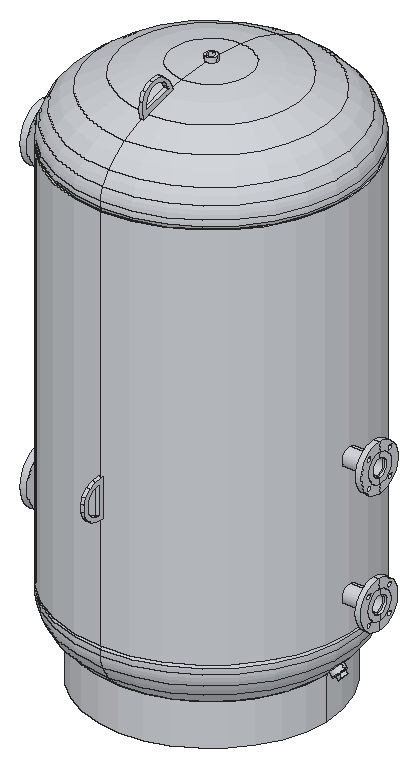
Revit family "HBT-300-23", category Generic Models, Revit 2014
Parameters (values of type "HBT-300-23")
  URL = "http://westank.com/"
  Tank Volume = 300.00 gal
  Part Number = 55643023
  Model = "HBT-300-23"
  Maximum Shipping Weight = 759 lbf
  G = 16"
  B = 3"
  A = 2"
  F = 32"
  E = 56"
  Description = "Wessels ASME 4-port primary-secondary Hot Water Buffer Tanks (HBT) are designed for use with today’s high efficiency systems that incorporate small modular low-mass boilers."
  D = 72"
  C = 36"
Reference planes (in)
  plane 1 "Center (Front/Back)": y = 0
  plane 2: z = 0
  plane 3 "Center (Left/Right)": x = 0
  plane 4: z = 0
  plane 5: x = -18
  plane 6: x = 18
  plane 7: z = 72
  plane 8: z = 56
  plane 9: z = 32
  plane 10: z = 16
Forms (in)
  Revolve 1, solid
    sketch origin (0, -0.02461, 0) x (0, 1, 0) y (0, 0, 1)
      loop
        line (-17.97559, 11.40987) -> (-17.77585, 11.40987)
        arc (-17.77585, 11.40987) -> (-17.77901, 11.38745) -> (-17.78675, 11.36617) r 0.10832
        line (-17.78675, 11.36617) -> (-17.97559, 10.97899)
        arc (-17.97559, 10.97899) -> (-17.97692, 10.6034) -> (-17.93634, 10.23002) r 3.36112
        arc (-17.93634, 10.23002) -> (-17.83534, 9.45516) -> (-17.56075, 8.72359) r 3.4127
        arc (-17.56075, 8.72359) -> (-17.14884, 7.91952) -> (-16.63227, 7.17835) r 6.68364
        arc (-16.63227, 7.17835) -> (-15.41449, 5.9118) -> (-13.99078, 4.88214) r 9.83519
        arc (-13.99078, 4.88214) -> (-12.33964, 3.99029) -> (-10.62031, 3.23825) r 22.63963
        arc (-10.62031, 3.23825) -> (-7.74153, 2.33452) -> (-4.76815, 1.82164) r 22.63963
        arc (-4.76815, 1.82164) -> (-2.37465, 1.61295) -> (0.02461, 1.4865) r 70.02787
        line (0.02461, 1.4865) -> (0.02461, 1.65848)
        arc (0.02461, 1.65848) -> (-2.3657, 1.78462) -> (-4.75028, 1.99258) r 69.85599
        arc (-4.75028, 1.99258) -> (-7.70109, 2.50157) -> (-10.55801, 3.39844) r 22.46775
        arc (-10.55801, 3.39844) -> (-12.26429, 4.14477) -> (-13.9029, 5.02985) r 22.46775
        arc (-13.9029, 5.02985) -> (-15.30173, 6.04151) -> (-16.49823, 7.28593) r 9.66331
        arc (-16.49823, 7.28593) -> (-17.00303, 8.01057) -> (-17.40515, 8.79685) r 6.51177
        arc (-17.40515, 8.79685) -> (-17.66943, 9.50016) -> (-17.76465, 10.24543) r 3.24083
        arc (-17.76465, 10.24543) -> (-17.80397, 10.58906) -> (-17.80585, 10.93493) r 3.18924
        line (-17.80585, 10.93493) -> (-17.63227, 11.29083)
        arc (-17.63227, 11.29083) -> (-17.60804, 11.35818) -> (-17.59889, 11.42917) r 0.33041
        line (-17.59889, 11.42917) -> (-17.80365, 11.42917) -> (-17.80365, 62.07314) -> (-17.59889, 62.07314)
        arc (-17.59889, 62.07314) -> (-17.60804, 62.14413) -> (-17.63227, 62.21149) r 0.33041
        line (-17.63227, 62.21149) -> (-17.80585, 62.56739)
        arc (-17.80585, 62.56739) -> (-17.80397, 62.91325) -> (-17.76465, 63.25688) r 3.18924
        arc (-17.76465, 63.25688) -> (-17.66943, 64.00215) -> (-17.40515, 64.70547) r 3.24083
        arc (-17.40515, 64.70547) -> (-17.00303, 65.49175) -> (-16.49823, 66.21639) r 6.51177
        arc (-16.49823, 66.21639) -> (-15.30173, 67.4608) -> (-13.9029, 68.47247) r 9.66331
        arc (-13.9029, 68.47247) -> (-12.26429, 69.35755) -> (-10.55801, 70.10388) r 22.46775
        arc (-10.55801, 70.10388) -> (-7.70109, 71.00074) -> (-4.75028, 71.50973) r 22.46775
        arc (-4.75028, 71.50973) -> (-2.3657, 71.71769) -> (0.02461, 71.84383) r 69.85599
        line (0.02461, 71.84383) -> (0.02461, 72.01582)
        arc (0.02461, 72.01582) -> (-2.37465, 71.88936) -> (-4.76815, 71.68068) r 70.02787
        arc (-4.76815, 71.68068) -> (-7.74153, 71.16779) -> (-10.62031, 70.26407) r 22.63963
        arc (-10.62031, 70.26407) -> (-12.33964, 69.51203) -> (-13.99078, 68.62018) r 22.63963
        arc (-13.99078, 68.62018) -> (-15.41449, 67.59052) -> (-16.63227, 66.32397) r 9.83519
        arc (-16.63227, 66.32397) -> (-17.14884, 65.58279) -> (-17.56075, 64.77872) r 6.68364
        arc (-17.56075, 64.77872) -> (-17.83534, 64.04715) -> (-17.93634, 63.2723) r 3.4127
        arc (-17.93634, 63.2723) -> (-17.97692, 62.89891) -> (-17.97559, 62.52332) r 3.36112
        line (-17.97559, 62.52332) -> (-17.78675, 62.13614)
        arc (-17.78675, 62.13614) -> (-17.77901, 62.11486) -> (-17.77585, 62.09244) r 0.10832
        line (-17.77585, 62.09244) -> (-17.97559, 62.09244) -> (-17.97559, 11.40987)
      axis (0.02461, 1.4865) -> (0.02461, 72.01582)
    angle from 0 to 360
  Revolve 2, solid
    sketch origin (1.3301, 0, 3.24654) x (0.990017, 0, -0.140951) y (0.140951, 0, 0.990017)
      loop
        line (14.71753, 6.11956) -> (14.66586, 6.1556) -> (14.25436, 5.56561) -> (14.86992, 5.13627) -> (15.24588, 5.6753) -> (15.19462, 5.71106) -> (15.31904, 5.88945) -> (14.80641, 6.24699) -> (14.71753, 6.11956)
      axis (14.25436, 5.56561) -> (14.86992, 5.13627)
    angle from 0 to 360
  Extrusion 3, solid
    sketch origin (16.3437, -180, 7.27869) x (0.681658, 0, 0.731671) y (0, -1, 0)
      loop
        line (-0.16036, -179.52645) -> (-0.95521, -179.68698) -> (-0.79485, -180.48095) -> (0, -180.32042) -> (-0.16036, -179.52645)
    from 1.02698 to 1.52678
  Extrusion 4, solid
    sketch origin (0, -6.04905, 4.9833) x (0, 1, 0) y (0, 0, 1)
      loop
        line (-11.93439, 21.33067) -> (-11.93439, 26.202)
        arc (-11.93439, 26.202) -> (-12.47846, 26.15164) -> (-13.01533, 26.05008) r 5.77422
        arc (-13.01533, 26.05008) -> (-13.49297, 25.89754) -> (-13.94252, 25.67548) r 3.35288
        arc (-13.94252, 25.67548) -> (-14.34081, 25.36666) -> (-14.64962, 24.96837) r 2.0073
        arc (-14.64962, 24.96837) -> (-14.80343, 24.58932) -> (-14.88788, 24.18906) r 2.30742
        arc (-14.88788, 24.18906) -> (-14.91277, 23.77188) -> (-14.88788, 23.3547) r 3.50846
        arc (-14.88788, 23.3547) -> (-14.79412, 22.92876) -> (-14.61961, 22.52904) r 2.24053
        arc (-14.61961, 22.52904) -> (-14.27401, 22.08806) -> (-13.80999, 21.77406) r 1.8078
        arc (-13.80999, 21.77406) -> (-13.34321, 21.55591) -> (-12.84107, 21.44044) r 2.44481
        arc (-12.84107, 21.44044) -> (-12.39043, 21.36326) -> (-11.93439, 21.33067) r 4.65484
      loop
        arc (-12.44611, 25.63929) -> (-12.67227, 25.60073) -> (-12.89654, 25.55235) r 5.2625
        arc (-12.89654, 25.55235) -> (-13.30128, 25.42308) -> (-13.68221, 25.23491) r 2.84116
        arc (-13.68221, 25.23491) -> (-13.97364, 25.01013) -> (-14.20134, 24.72098) r 1.49558
        arc (-14.20134, 24.72098) -> (-14.3163, 24.43235) -> (-14.37979, 24.12821) r 1.7957
        arc (-14.37979, 24.12821) -> (-14.40106, 23.77188) -> (-14.37979, 23.41555) r 2.99674
        arc (-14.37979, 23.41555) -> (-14.30745, 23.08689) -> (-14.17279, 22.77846) r 1.72881
        arc (-14.17279, 22.77846) -> (-13.91552, 22.45353) -> (-13.56884, 22.22643) r 1.29608
        arc (-13.56884, 22.22643) -> (-13.1779, 22.0402) -> (-12.75531, 21.94566) r 1.9331
        arc (-12.75531, 21.94566) -> (-12.60126, 21.91347) -> (-12.44611, 21.88716) r 4.14312
        line (-12.44611, 21.88716) -> (-12.44611, 25.63929)
    from -0.24366 to 0.25634
  Extrusion 5, solid
    sketch origin (0, -28.53332, 53.09576) x (0, 0.284015, -0.95882) y (0, 0.95882, 0.284015)
      loop
        arc (-11.9298, 25.67102) -> (-12.15596, 25.63246) -> (-12.38023, 25.58408) r 5.2625
        arc (-12.38023, 25.58408) -> (-12.78497, 25.45482) -> (-13.16591, 25.26664) r 2.84116
        arc (-13.16591, 25.26664) -> (-13.45733, 25.04186) -> (-13.68503, 24.75271) r 1.49558
        arc (-13.68503, 24.75271) -> (-13.8, 24.46408) -> (-13.86349, 24.15994) r 1.7957
        arc (-13.86349, 24.15994) -> (-13.88475, 23.80361) -> (-13.86349, 23.44728) r 2.99674
        arc (-13.86349, 23.44728) -> (-13.79114, 23.11862) -> (-13.65649, 22.81019) r 1.72881
        arc (-13.65649, 22.81019) -> (-13.39922, 22.48527) -> (-13.05253, 22.25816) r 1.29608
        arc (-13.05253, 22.25816) -> (-12.66159, 22.07193) -> (-12.239, 21.97739) r 1.9331
        arc (-12.239, 21.97739) -> (-12.08496, 21.94521) -> (-11.9298, 21.91889) r 4.14312
        line (-11.9298, 21.91889) -> (-11.9298, 25.67102)
      loop
        line (-11.25461, 21.34343) -> (-11.25461, 26.18965)
        arc (-11.25461, 26.18965) -> (-12.15974, 26.1622) -> (-13.02719, 25.90227) r 3.48194
        arc (-13.02719, 25.90227) -> (-13.54727, 25.6041) -> (-13.99851, 25.20943) r 3.03185
        arc (-13.99851, 25.20943) -> (-14.28248, 24.55653) -> (-14.39992, 23.8543) r 2.91879
        arc (-14.39992, 23.8543) -> (-14.3348, 23.1787) -> (-14.08611, 22.54717) r 2.44012
        arc (-14.08611, 22.54717) -> (-13.716, 22.08641) -> (-13.21844, 21.76749) r 1.83162
        arc (-13.21844, 21.76749) -> (-12.25729, 21.45928) -> (-11.25461, 21.34343) r 5.1769
    from -0.24366 to 0.25634
  Extrusion 6, solid
    sketch origin (0, 0, 0) x (1, 0, 0) y (0, 1, 0)
      loop
        circle (0, 0) r 0.75
      loop
        circle (0, 0) r 0.5
    from 71.36613 to 72.49354
  Extrusion 7, void
    sketch origin (0, 0, 0) x (1, 0, 0) y (0, 1, 0)
      loop
        circle (0, 0) r 0.5
    from 70.90268 to 73.75579
  Revolve 8, solid
    sketch origin (0, 0, 0) x (1, 0, 0) y (0, 0, 1)
      loop
        line (14.82824, 5.43485) -> (14.82824, 0) -> (15, 0) -> (15, 5.43485) -> (14.82824, 5.43485)
      axis (0, 5.43485) -> (0, 0)
    angle from 0 to 360
  Revolve 9, solid
    sketch origin (-4.11882, 0, 3.28348) x (1, 0, 0) y (0, 0, 1)
      loop
        line (24.99382, 11.53157) -> (24.99382, 10.96875) -> (25.24382, 10.96875) -> (25.24382, 9.71837) -> (25.93132, 9.71837) -> (25.93132, 10.90594) -> (25.99382, 10.90594) -> (25.99382, 11.53157) -> (24.99382, 11.53157)
      axis (25.99382, 12.71652) -> (24.99382, 12.71652)
    angle from 0 to 360
  Revolve 10, solid
    sketch origin (-2.17131, 0, 3.5) x (-1, 0, 0) y (0, 0, -1)
      loop
        line (-17.17131, -11.46847) -> (-17.17131, -11.31445) -> (-23.67131, -11.31445) -> (-23.67131, -11.46847) -> (-17.17131, -11.46847)
      axis (-23.67131, -12.5) -> (-17.17131, -12.5)
    angle from 0 to 360
  Extrusion 11, void
    sketch origin (5.87592, 0, 3.00195) x (0, 1, 0) y (0, 0, 1)
      loop
        circle (1.68454, 14.67389) r 0.38273
      loop
        circle (-1.69766, 14.67389) r 0.37635
      loop
        circle (-1.66641, 11.31003) r 0.35289
      loop
        circle (1.70166, 11.31003) r 0.37084
    from 13.49462 to 18.49167
  Revolve 12, solid
    sketch origin (-4.05645, 0, 19.28348) x (1, 0, 0) y (0, 0, 1)
      loop
        line (24.99382, 11.53157) -> (24.99382, 10.96875) -> (25.24382, 10.96875) -> (25.24382, 9.71837) -> (25.93132, 9.71837) -> (25.93132, 10.90594) -> (25.99382, 10.90594) -> (25.99382, 11.53157) -> (24.99382, 11.53157)
      axis (25.99382, 12.71652) -> (24.99382, 12.71652)
    angle from 0 to 360
  Revolve 13, solid
    sketch origin (-2.10894, 0, 19.5) x (-1, 0, 0) y (0, 0, -1)
      loop
        line (-17.17131, -11.46847) -> (-17.17131, -11.31445) -> (-23.67131, -11.31445) -> (-23.67131, -11.46847) -> (-17.17131, -11.46847)
      axis (-23.67131, -12.5) -> (-17.17131, -12.5)
    angle from 0 to 360
  Extrusion 14, void
    sketch origin (5.93829, 0, 19.00195) x (0, 1, 0) y (0, 0, 1)
      loop
        circle (1.68454, 14.67389) r 0.38273
      loop
        circle (-1.69766, 14.67389) r 0.37635
      loop
        circle (-1.66641, 11.31003) r 0.35289
      loop
        circle (1.70166, 11.31003) r 0.37084
    from 13.49462 to 18.49167
  Extrusion 15, void
    sketch origin (3.96338, 0, 8.24902) x (0, 1, 0) y (0, 0, 1)
      loop
        circle (0, 23.75098) r 1.03153
    from 10.06157 to 17.27456
  Revolve 16, solid
    sketch origin (-2.98639, 0, 41.50063) x (-1, 0, 0) y (0, 0, 1)
      loop
        line (17.8121, 12.74926) -> (17.8121, 12.37455) -> (18.0621, 12.37455) -> (18.0621, 10.7494) -> (18.9371, 10.7494) -> (18.9371, 11.9994) -> (18.9996, 11.9994) -> (18.9996, 12.74926) -> (17.8121, 12.74926)
      axis (18.9996, 14.49937) -> (17.8121, 14.49937)
    angle from 0 to 360
  Extrusion 17, void
    sketch origin (-3.60333, 0.13917, 42.92009) x (0, 1, 0) y (0, 0, -1)
      loop
        circle (1.97118, -15.20314) r 0.37532
      loop
        circle (1.96878, -10.97252) r 0.37532
      loop
        circle (-2.27402, -15.19873) r 0.37532
      loop
        circle (-2.2381, -10.92495) r 0.37532
    from 15.80097 to 20.25
  Revolve 18, solid
    sketch origin (-3.58795, 0, 41.50258) x (1, 0, 0) y (0, 0, 1)
      loop
        line (-13.89804, 12.96328) -> (-18.02304, 12.96328) -> (-18.02304, 12.74742) -> (-13.89804, 12.74742) -> (-13.89804, 12.96328)
      axis (-18.02304, 14.49742) -> (-13.89804, 14.49742)
    angle from 0 to 360
  Extrusion 19, void
    sketch origin (0, 0, 0.25) x (0, 1, 0) y (0, 0, 1)
      loop
        circle (0, 55.75) r 1.53414
    from -21.98599 to -16.85333
  Revolve 20, solid
    sketch origin (-2.98639, 0, 1.50063) x (-1, 0, 0) y (0, 0, 1)
      loop
        line (17.8121, 12.74926) -> (17.8121, 12.37455) -> (18.0621, 12.37455) -> (18.0621, 10.7494) -> (18.9371, 10.7494) -> (18.9371, 11.9994) -> (18.9996, 11.9994) -> (18.9996, 12.74926) -> (17.8121, 12.74926)
      axis (18.9996, 14.49937) -> (17.8121, 14.49937)
    angle from 0 to 360
  Revolve 21, solid
    sketch origin (-3.58795, 0, 1.50258) x (1, 0, 0) y (0, 0, 1)
      loop
        line (-13.89804, 12.96328) -> (-18.02304, 12.96328) -> (-18.02304, 12.74742) -> (-13.89804, 12.74742) -> (-13.89804, 12.96328)
      axis (-18.02304, 14.49742) -> (-13.89804, 14.49742)
    angle from 0 to 360
  Extrusion 22, void
    sketch origin (0, 0, -39.75) x (0, 1, 0) y (0, 0, 1)
      loop
        circle (0, 55.75) r 1.53414
    from -25.40897 to -10.94077
  Extrusion 23, void
    sketch origin (-3.60333, 0.13917, 2.92009) x (0, 1, 0) y (0, 0, -1)
      loop
        circle (1.97118, -15.20314) r 0.37532
      loop
        circle (1.96878, -10.97252) r 0.37532
      loop
        circle (-2.27402, -15.19873) r 0.37532
      loop
        circle (-2.2381, -10.92495) r 0.37532
    from 15.80097 to 20.25
Cuts and joins
  joined: Extrusion 3, Extrusion 4, Extrusion 5, Extrusion 6, Revolve 8
  Extrusion 7, Extrusion 11, Extrusion 14, Extrusion 15, Extrusion 19, Extrusion 22 cuts Revolve 1
  Extrusion 11 cuts Revolve 9
  Extrusion 14 cuts Revolve 12
  Extrusion 15 cuts Revolve 13
  Extrusion 17 cuts Revolve 16
  Extrusion 19 cuts Revolve 18
  Extrusion 22 cuts Revolve 21
  Extrusion 23 cuts Revolve 20
Dimensions and locks (in)
  "D": plane 7 to plane 4
  "G": plane 10 to plane 4
  "F": plane 9 to plane 4
  "E": plane 8 to plane 4
  "C": plane 6 to plane 5
  aligned and locked: plane 2 to level
Automatic sketch dimensions
  Revolve 1 sketch curve to Revolve 1 sketch curve = 0"  (x56)
  Revolve 1 sketch curve to plane 1 "Center (Front/Back)" = 0"  (x3)
  plane 1 "Center (Front/Back)" to Revolve 1 sketch curve = 2.43969"  (x2)
  Revolve 1 sketch curve to plane 10 = 2.66549"
  plane 1 "Center (Front/Back)" to Revolve 1 sketch curve = 8.98663"  (x2)
  plane 8 to Revolve 1 sketch curve = 4.16781"
  Revolve 1 sketch curve to Revolve 1 sketch curve = 2.45782"  (x2)
  Revolve 1 sketch curve to Revolve 1 sketch curve = 3.10417"  (x2)
  Revolve 1 sketch curve to Revolve 1 sketch curve = 0.0964"  (x2)
  Revolve 1 sketch curve to Revolve 1 sketch curve = 2.97849"  (x2)
  plane 8 to Revolve 1 sketch curve = 6.21149"
  Revolve 1 sketch curve to Revolve 1 sketch curve = 0.03338"  (x2)
  Revolve 1 sketch curve to plane 10 = 4.70917"
  Revolve 1 sketch curve to Revolve 1 sketch curve = 0.17696"  (x2)
  Revolve 1 sketch curve to plane 10 = 4.63383"
  Revolve 1 sketch curve to Revolve 1 sketch curve = 0.0109"  (x2)
  plane 8 to Revolve 1 sketch curve = 6.13614"
  Revolve 1 sketch curve to Revolve 1 sketch curve = 0.0278"
  plane 8 to Revolve 1 sketch curve = 6.56739"
  Revolve 1 sketch curve to Revolve 1 sketch curve = 0.17358"  (x2)
  Revolve 1 sketch curve to plane 10 = 5.06507"
  Revolve 1 sketch curve to Revolve 1 sketch curve = 0.08045"  (x2)
  Revolve 1 sketch curve to Revolve 1 sketch curve = 0.04514"  (x2)
  Revolve 1 sketch curve to Revolve 1 sketch curve = 0.04635"
  Revolve 1 sketch curve to plane 10 = 5.02101"
  Revolve 1 sketch curve to Revolve 1 sketch curve = 0.16974"  (x2)
  plane 8 to Revolve 1 sketch curve = 6.52332"
  Revolve 1 sketch curve to plane 7 = 0.52976"
  Revolve 1 sketch curve to plane 1 "Center (Front/Back)" = 2.48565"  (x2)
  Revolve 1 sketch curve to Revolve 1 sketch curve = 0.51151"
  Revolve 1 sketch curve to Revolve 1 sketch curve = 0.49854"  (x2)
  level to Revolve 1 sketch curve = 2.03208"
  level to Revolve 1 sketch curve = 1.65848"
  Revolve 1 sketch curve to Revolve 1 sketch curve = 0.17198"
  Revolve 1 sketch curve to Revolve 1 sketch curve = 1 249/256"  (x2)
  Revolve 1 sketch curve to Revolve 1 sketch curve = 0.0437"
  Revolve 1 sketch curve to Revolve 1 sketch curve = 0.0193"
  Revolve 1 sketch curve to plane 9 = 7.66135"
  Revolve 1 sketch curve to plane 8 = 6.83634"
  Revolve 1 sketch curve to Revolve 1 sketch curve = 0.0695"
  Revolve 1 sketch curve to Revolve 1 sketch curve = 0.02202"
  Revolve 1 sketch curve to Revolve 1 sketch curve = 0.64986"
  Revolve 1 sketch curve to plane 7 = 0.15617"
  plane 7 to Revolve 1 sketch curve = 0.01582"
  Revolve 1 sketch curve to plane 7 = 1.89612"
  level to Revolve 1 sketch curve = 3 51/128"
  Revolve 1 sketch curve to Revolve 1 sketch curve = 0.06229"  (x2)
  Revolve 1 sketch curve to Revolve 1 sketch curve = 0.90692"  (x2)
  Revolve 1 sketch curve to Revolve 1 sketch curve = 0.1556"  (x2)
  Revolve 1 sketch curve to plane 9 = 3.10692"
  plane 9 to Revolve 1 sketch curve = 0.64308"
  Revolve 2 sketch curve to plane 6 = 1.77337"
  level to Revolve 2 sketch curve = 6.74742"
  Revolve 2 sketch curve to Revolve 2 sketch curve = 0.4115"
  Revolve 2 sketch curve to Revolve 2 sketch curve = 0.05167"
  Revolve 2 sketch curve to Revolve 2 sketch curve = 0.08888"
  Revolve 2 sketch curve to Revolve 2 sketch curve = 0.61556"
  Revolve 2 sketch curve to Revolve 2 sketch curve = 0.47709"
  Revolve 2 sketch curve to Revolve 2 sketch curve = 0.05126"
  Revolve 2 sketch curve to Revolve 2 sketch curve = 0.42934"
  Revolve 2 sketch curve to Revolve 2 sketch curve = 0.12768"
  Revolve 2 sketch curve to Revolve 2 sketch curve = 0"  (x2)
  Revolve 2 sketch curve to Revolve 2 sketch curve = 0.08905"
  plane 1 "Center (Front/Back)" to Extrusion 3 sketch curve = 0.31302"
  Extrusion 3 sketch curve to plane 1 "Center (Front/Back)" = 0.48095"
  Extrusion 3 sketch curve to Extrusion 3 sketch curve = 0.16036"  (x2)
  plane 1 "Center (Front/Back)" to Extrusion 3 sketch curve = 0.47355"
  Extrusion 3 sketch curve to Extrusion 3 sketch curve = 0.79485"
  Extrusion 3 sketch curve to plane 1 "Center (Front/Back)" = 0.32042"
  Extrusion 4 sketch curve to Extrusion 4 sketch curve = 0"  (x24)
  Extrusion 4 sketch curve to plane 9 = 3.6065"
  plane 1 "Center (Front/Back)" to Extrusion 4 sketch curve = 19.09014"
  Extrusion 4 sketch curve to Extrusion 4 sketch curve = 0.11966"
  Extrusion 4 sketch curve to Extrusion 4 sketch curve = 0.25819"
  Extrusion 4 sketch curve to Extrusion 4 sketch curve = 17/256"
  Extrusion 4 sketch curve to Extrusion 4 sketch curve = 0.04958"
  Extrusion 4 sketch curve to Extrusion 4 sketch curve = 0.15073"
  Extrusion 4 sketch curve to Extrusion 4 sketch curve = 0.20915"
  Extrusion 4 sketch curve to Extrusion 4 sketch curve = 131/256"
  Extrusion 4 sketch curve to Extrusion 4 sketch curve = 0.10338"
  Extrusion 4 sketch curve to Extrusion 4 sketch curve = 0.25955"
  Extrusion 4 sketch curve to Extrusion 4 sketch curve = 1.14294"
  Extrusion 4 sketch curve to Extrusion 4 sketch curve = 0.62139"
  Extrusion 4 sketch curve to Extrusion 4 sketch curve = 0.90165"
  Extrusion 4 sketch curve to Extrusion 4 sketch curve = 0.55648"
  Extrusion 4 sketch curve to Extrusion 4 sketch curve = 0.89706"
  Extrusion 4 sketch curve to Extrusion 4 sketch curve = 27/128"
  Extrusion 4 sketch curve to Extrusion 4 sketch curve = 0.15076"
  Extrusion 4 sketch curve to Extrusion 4 sketch curve = 0.24641"
  Extrusion 4 sketch curve to Extrusion 4 sketch curve = 0.04716"
  Extrusion 4 sketch curve to Extrusion 4 sketch curve = 0.0326"
  Extrusion 4 sketch curve to plane 9 = 1.37741"
  Extrusion 4 sketch curve to Extrusion 4 sketch curve = 0.34507"
  Extrusion 4 sketch curve to Extrusion 4 sketch curve = 0.21764"
  Extrusion 4 sketch curve to Extrusion 4 sketch curve = 1.12273"
  Extrusion 4 sketch curve to Extrusion 4 sketch curve = 0.78568"
  Extrusion 4 sketch curve to Extrusion 4 sketch curve = 0.24115"
  Extrusion 4 sketch curve to Extrusion 4 sketch curve = 0.2603"
  Extrusion 4 sketch curve to Extrusion 4 sketch curve = 0.60395"
  Extrusion 4 sketch curve to Extrusion 4 sketch curve = 0.51913"
  Extrusion 4 sketch curve to Extrusion 4 sketch curve = 0.44682"
  Extrusion 4 sketch curve to Extrusion 4 sketch curve = 0.44829"
  Extrusion 6 sketch curve to Extrusion 6 sketch curve = 0"  (x2)
  plane 1 "Center (Front/Back)" to Extrusion 6 sketch curve = 0"
  Extrusion 6 sketch curve to plane 3 "Center (Left/Right)" = 0"
  Extrusion 7 sketch curve to Extrusion 7 sketch curve = 0"  (x2)
  plane 1 "Center (Front/Back)" to Extrusion 7 sketch curve = 0"
  Extrusion 7 sketch curve to plane 3 "Center (Left/Right)" = 0"
  Extrusion 7 sketch curve to plane 3 "Center (Left/Right)" = 1/2"
  Revolve 8 sketch curve to plane 3 "Center (Left/Right)" = 0"
  Revolve 8 sketch curve to level = 0"
  Revolve 8 sketch curve to plane 6 = 3.17176"
  Revolve 8 sketch curve to Revolve 8 sketch curve = 0.17176"
  level to Revolve 8 sketch curve = 5.43485"
  level to Revolve 8 sketch curve = 4.69941"
  Revolve 8 sketch curve to Revolve 8 sketch curve = 1"
  Extrusion 5 sketch curve to plane 7 = 0.23736"
  plane 1 "Center (Front/Back)" to Extrusion 5 sketch curve = 9.61397"
  Extrusion 5 sketch curve to Extrusion 5 sketch curve = 0.03301"
  Extrusion 5 sketch curve to Extrusion 5 sketch curve = 0.08665"
  Extrusion 5 sketch curve to Extrusion 5 sketch curve = 0.34483"
  Extrusion 5 sketch curve to Extrusion 5 sketch curve = 17/256"
  Extrusion 5 sketch curve to Extrusion 5 sketch curve = 0.04958"
  Extrusion 5 sketch curve to Extrusion 5 sketch curve = 0.06885"
  Extrusion 5 sketch curve to Extrusion 5 sketch curve = 0.15073"
  Extrusion 5 sketch curve to Extrusion 5 sketch curve = 0.36028"
  Extrusion 5 sketch curve to Extrusion 5 sketch curve = 0.06601"
  Extrusion 5 sketch curve to Extrusion 5 sketch curve = 0.11815"
  Extrusion 5 sketch curve to Extrusion 5 sketch curve = 0.47821"
  Extrusion 5 sketch curve to Extrusion 5 sketch curve = 0.6151"
  Extrusion 5 sketch curve to Extrusion 5 sketch curve = 0.0601"
  Extrusion 5 sketch curve to Extrusion 5 sketch curve = 0.09002"
  Extrusion 5 sketch curve to Extrusion 5 sketch curve = 0.09607"
  Extrusion 5 sketch curve to Extrusion 5 sketch curve = 0.59588"
  Extrusion 5 sketch curve to Extrusion 5 sketch curve = 0.3061"
  Extrusion 5 sketch curve to Extrusion 5 sketch curve = 0.31529"
  Extrusion 5 sketch curve to Extrusion 5 sketch curve = 0.0954"
  Extrusion 5 sketch curve to Extrusion 5 sketch curve = 0.80625"
  Extrusion 5 sketch curve to Extrusion 5 sketch curve = 0.57547"
  Extrusion 5 sketch curve to Extrusion 5 sketch curve = 0.87808"
  Extrusion 5 sketch curve to Extrusion 5 sketch curve = 0.00686"
  Extrusion 5 sketch curve to Extrusion 5 sketch curve = 0.20406"
  Extrusion 5 sketch curve to Extrusion 5 sketch curve = 0.59172"
  Extrusion 5 sketch curve to Extrusion 5 sketch curve = 0.09548"
  Extrusion 5 sketch curve to Extrusion 5 sketch curve = 0.07607"
  Extrusion 5 sketch curve to Extrusion 5 sketch curve = 0.15093"
  Extrusion 5 sketch curve to Extrusion 5 sketch curve = 0.04716"
  Extrusion 5 sketch curve to Extrusion 5 sketch curve = 0.0326"
  Extrusion 5 sketch curve to Extrusion 5 sketch curve = 1.7246"
  Extrusion 5 sketch curve to Extrusion 5 sketch curve = 0.34507"
  Extrusion 5 sketch curve to Extrusion 5 sketch curve = 0.17356"
  Extrusion 5 sketch curve to Extrusion 5 sketch curve = 0.32989"
  Extrusion 5 sketch curve to Extrusion 5 sketch curve = 0"  (x6)
  Extrusion 5 sketch curve to Extrusion 5 sketch curve = 0.1659"
  Extrusion 5 sketch curve to Extrusion 5 sketch curve = 0.13872"
  Extrusion 5 sketch curve to Extrusion 5 sketch curve = 0.42962"
  Extrusion 5 sketch curve to Extrusion 5 sketch curve = 0.51913"
  Extrusion 5 sketch curve to Extrusion 5 sketch curve = 0.31348"
  plane 6 to Revolve 9 sketch curve = 2 7/8"
  plane 6 to Revolve 9 sketch curve = 3 1/8"
  Revolve 9 sketch curve to Revolve 9 sketch curve = 11/16"
  Revolve 9 sketch curve to Revolve 9 sketch curve = 1/16"
  Revolve 9 sketch curve to plane 10 = 2.99815"
  Revolve 9 sketch curve to Revolve 9 sketch curve = 1.18757"
  Revolve 9 sketch curve to Revolve 9 sketch curve = 0.06281"
  Revolve 9 sketch curve to Revolve 9 sketch curve = 0.62563"
  Revolve 9 sketch curve to plane 10 = 0"
  Revolve 9 sketch curve to Revolve 9 sketch curve = 5 7/8"
  plane 3 "Center (Left/Right)" to Revolve 9 sketch curve = 7 3/4"
  plane 6 to Revolve 10 sketch curve = 3 1/2"
  Revolve 10 sketch curve to plane 6 = 3"
  Revolve 10 sketch curve to plane 10 = 1.03153"
  Revolve 10 sketch curve to Revolve 10 sketch curve = 0.15401"
  Revolve 10 sketch curve to Revolve 10 sketch curve = 1/4"
  Revolve 10 sketch curve to Revolve 10 sketch curve = 3/4"
  Revolve 10 sketch curve to Revolve 10 sketch curve = 1.03153"
  plane 10 to Extrusion 11 sketch curve = 1.67584"  (x2)
  plane 1 "Center (Front/Back)" to Extrusion 11 sketch curve = 1.69766"
  plane 1 "Center (Front/Back)" to Extrusion 11 sketch curve = 1.66641"
  Extrusion 11 sketch curve to plane 1 "Center (Front/Back)" = 1.68454"
  Extrusion 11 sketch curve to plane 1 "Center (Front/Back)" = 1.70166"
  Extrusion 11 sketch curve to Extrusion 11 sketch curve = 3.36385"  (x2)
  plane 6 to Revolve 12 sketch curve = 2.93736"
  plane 6 to Revolve 12 sketch curve = 3.18736"
  Revolve 12 sketch curve to Revolve 12 sketch curve = 11/16"
  Revolve 12 sketch curve to Revolve 12 sketch curve = 1/16"
  Revolve 12 sketch curve to plane 9 = 2.99815"
  Revolve 12 sketch curve to Revolve 12 sketch curve = 1.18757"
  Revolve 12 sketch curve to Revolve 12 sketch curve = 0.06281"
  Revolve 12 sketch curve to Revolve 12 sketch curve = 0.62563"
  Revolve 12 sketch curve to plane 6 = 2.93763"
  plane 3 "Center (Left/Right)" to Revolve 12 sketch curve = 7.81237"
  Revolve 12 sketch curve to plane 9 = 0"
  plane 6 to Revolve 13 sketch curve = 3.56237"
  Revolve 13 sketch curve to plane 6 = 2.93763"
  Revolve 13 sketch curve to plane 9 = 1.03153"
  Revolve 13 sketch curve to Revolve 13 sketch curve = 0.15401"
  Revolve 13 sketch curve to Revolve 13 sketch curve = 1/4"
  Revolve 13 sketch curve to Revolve 13 sketch curve = 3/4"
  Revolve 13 sketch curve to Revolve 13 sketch curve = 1.03153"
  plane 1 "Center (Front/Back)" to Extrusion 14 sketch curve = 1.69766"
  plane 1 "Center (Front/Back)" to Extrusion 14 sketch curve = 1.66641"
  Extrusion 14 sketch curve to plane 1 "Center (Front/Back)" = 1.68454"
  Extrusion 14 sketch curve to plane 1 "Center (Front/Back)" = 1.70166"
  Extrusion 14 sketch curve to plane 9 = 1.68801"
  Extrusion 14 sketch curve to Extrusion 14 sketch curve = 0"
  plane 9 to Extrusion 14 sketch curve = 1.67584"  (x2)
  Extrusion 15 sketch curve to Extrusion 15 sketch curve = 0"  (x2)
  Extrusion 15 sketch curve to plane 1 "Center (Front/Back)" = 0"
  Extrusion 15 sketch curve to plane 9 = 0"
  Extrusion 15 sketch curve to Extrusion 15 sketch curve = 1.03153"
  Revolve 16 sketch curve to plane 8 = 0"
  plane 5 to Revolve 16 sketch curve = 2.79849"
  Revolve 16 sketch curve to Revolve 16 sketch curve = 1/4"
  Revolve 16 sketch curve to Revolve 16 sketch curve = 7/8"
  Revolve 16 sketch curve to Revolve 16 sketch curve = 1/16"
  plane 8 to Revolve 16 sketch curve = 1.75011"
  Revolve 16 sketch curve to Revolve 16 sketch curve = 0.37471"
  Revolve 16 sketch curve to Revolve 16 sketch curve = 0.74986"
  Revolve 16 sketch curve to Revolve 16 sketch curve = 1 1/4"
  Revolve 16 sketch curve to plane 5 = 0.59331"
  Revolve 16 sketch curve to Revolve 16 sketch curve = 0.68278"
  plane 1 "Center (Front/Back)" to Extrusion 17 sketch curve = 2.13485"
  plane 1 "Center (Front/Back)" to Extrusion 17 sketch curve = 2.09893"
  Extrusion 17 sketch curve to plane 1 "Center (Front/Back)" = 2.10795"
  Extrusion 17 sketch curve to plane 1 "Center (Front/Back)" = 2.11035"
  plane 8 to Extrusion 17 sketch curve = 2.12323"
  plane 8 to Extrusion 17 sketch curve = 2.11883"
  Extrusion 17 sketch curve to plane 8 = 2.10739"
  Extrusion 17 sketch curve to plane 8 = 2.15495"
  Revolve 18 sketch curve to plane 8 = 0"
  Revolve 18 sketch curve to plane 8 = 1 3/4"
  Revolve 18 sketch curve to plane 5 = 3.61099"
  plane 5 to Revolve 18 sketch curve = 0.51401"
  Revolve 18 sketch curve to Revolve 18 sketch curve = 0.21586"
  Revolve 18 sketch curve to plane 5 = 0.15872"
  plane 5 to Revolve 18 sketch curve = 0.20143"
  Extrusion 19 sketch curve to Extrusion 19 sketch curve = 0"  (x2)
  Extrusion 19 sketch curve to plane 1 "Center (Front/Back)" = 0"
  Extrusion 19 sketch curve to plane 8 = 0"
  Extrusion 19 sketch curve to plane 8 = 1.53414"
  Revolve 20 sketch curve to plane 10 = 0"
  plane 5 to Revolve 20 sketch curve = 2.79849"
  Revolve 20 sketch curve to Revolve 20 sketch curve = 1/4"
  Revolve 20 sketch curve to Revolve 20 sketch curve = 7/8"
  Revolve 20 sketch curve to Revolve 20 sketch curve = 1/16"
  plane 10 to Revolve 20 sketch curve = 1.75011"
  Revolve 20 sketch curve to Revolve 20 sketch curve = 0.37471"
  Revolve 20 sketch curve to Revolve 20 sketch curve = 0.74986"
  Revolve 20 sketch curve to Revolve 20 sketch curve = 1 1/4"
  Revolve 20 sketch curve to plane 5 = 0.59331"
  Revolve 20 sketch curve to Revolve 20 sketch curve = 0.68278"
  Revolve 21 sketch curve to plane 10 = 0"
  Revolve 21 sketch curve to plane 10 = 1 3/4"
  Revolve 21 sketch curve to plane 5 = 3.61099"
  plane 5 to Revolve 21 sketch curve = 0.51401"
  Revolve 21 sketch curve to Revolve 21 sketch curve = 0.21586"
  Revolve 21 sketch curve to plane 5 = 0.15872"
  plane 5 to Revolve 21 sketch curve = 0.20143"
  Extrusion 22 sketch curve to Extrusion 22 sketch curve = 0"  (x2)
  Extrusion 22 sketch curve to plane 1 "Center (Front/Back)" = 0"
  Extrusion 22 sketch curve to plane 10 = 0"
  Extrusion 22 sketch curve to plane 10 = 1.53414"
  plane 1 "Center (Front/Back)" to Extrusion 23 sketch curve = 2.13485"
  plane 1 "Center (Front/Back)" to Extrusion 23 sketch curve = 2.09893"
  Extrusion 23 sketch curve to plane 1 "Center (Front/Back)" = 2.10795"
  Extrusion 23 sketch curve to plane 1 "Center (Front/Back)" = 2.11035"
  plane 10 to Extrusion 23 sketch curve = 2.12323"
  plane 10 to Extrusion 23 sketch curve = 2.11883"
  Extrusion 23 sketch curve to plane 10 = 2.10739"
  Extrusion 23 sketch curve to plane 10 = 2.15495"
  radius of Extrusion 6 sketch curve = 3/4"
  radius of Extrusion 6 sketch curve = 1/2"
  radius of Extrusion 11 sketch curve = 0.38273"
  radius of Extrusion 11 sketch curve = 0.37635"
  radius of Extrusion 11 sketch curve = 0.35289"
  radius of Extrusion 11 sketch curve = 0.37084"
  radius of Extrusion 14 sketch curve = 0.38273"
  radius of Extrusion 14 sketch curve = 0.37635"
  radius of Extrusion 14 sketch curve = 0.35289"
  radius of Extrusion 14 sketch curve = 0.37084"
  radius of Extrusion 17 sketch curve = 0.37532"  (x4)
  radius of Extrusion 23 sketch curve = 0.37532"  (x4)
Connectors (in)
  piping at (21.93737, 0, 32), diameter 2, driven by "A"
    settings: on Revolve 12, index 17, connector inside diameter 24", connector length 0", flow factor 0, pipe flow 0 GPM, pressure drop 0.00 psi, fitting loss kfactor 0, connector angle 0°, fixture units 0, engagement length 0", angle of deflection 0°, flow configuration 0, flow direction 0, fitting loss method 0, system type 7, joint type 0, gender type 0, connector reference index -1, connector utility 0, adjustable connector no, is connector primary yes, connector description ""
  piping at (21.875, 0, 16), diameter 2, driven by "A"
    settings: on Revolve 9, index 18, connector inside diameter 24", connector length 0", flow factor 0, pipe flow 0 GPM, pressure drop 0.00 psi, fitting loss kfactor 0, connector angle 0°, fixture units 0, engagement length 0", angle of deflection 0°, flow configuration 0, flow direction 0, fitting loss method 0, system type 7, joint type 0, gender type 0, connector reference index -1, connector utility 0, adjustable connector no, is connector primary no, connector description ""
  piping at (-21.98599, 0, 56), diameter 3, driven by "B"
    settings: on Revolve 16, index 19, connector inside diameter 24", connector length 0", flow factor 0, pipe flow 0 GPM, pressure drop 0.00 psi, fitting loss kfactor 0, connector angle 0°, fixture units 0, engagement length 0", angle of deflection 0°, flow configuration 0, flow direction 0, fitting loss method 0, system type 7, joint type 0, gender type 0, connector reference index -1, connector utility 0, adjustable connector no, is connector primary no, connector description ""
  piping at (-21.98599, 0, 16), diameter 3, driven by "B"
    settings: on Revolve 20, index 20, connector inside diameter 24", connector length 0", flow factor 0, pipe flow 0 GPM, pressure drop 0.00 psi, fitting loss kfactor 0, connector angle 0°, fixture units 0, engagement length 0", angle of deflection 0°, flow configuration 0, flow direction 0, fitting loss method 0, system type 7, joint type 0, gender type 0, connector reference index -1, connector utility 0, adjustable connector no, is connector primary no, connector description ""
